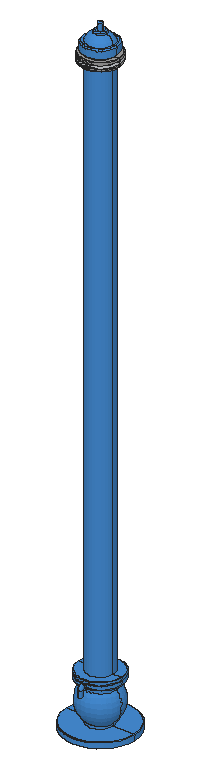
Revit family "Поли-Групп_ГидрантПожарный", category Арматура трубопроводов, Revit 2019
Family settings
  Размер круглого соединителя = Использовать диаметр
  Тип детали = Нормальный
  На основе рабочей плоскости = Нет
  Всегда вертикально = Да
  При загрузке вырезать с полостями = Нет
  Общий = Нет
Parameters (values of type "Загрузите типоразмеры из каталог семейств")
  Тип присоединения = "Фланцевое"  # constant formula
  Тип привода = ""
  Температура рабочей среды = "5 до +70°C"  # constant formula
  ТВ = "ГидрантПожарный_Поли-Групп"  # constant formula
  Разработчик = ""
  Рабочее давление = size_lookup(ТВ, "Рабочее давление", 0.0 bar, DN, H)  # 10.0 bar
  Рабочая среда = "Питьевая и техническая вода без примесей"  # constant formula
  Пропускная способность = size_lookup(ТВ, "Kv", 1.0 m³/h, DN, H)  # 1.0 m³/h
  Покрытие = "Порошковая краска ЭПК 64-1-88 ТУ 301-10-0-300-89 (цвет синий)"  # constant formula
  Материал штока = "AISI 201"  # constant formula
  Крутящий момент = size_lookup(ТВ, "Крутящий момент", 0, DN, H)  # 105
  Климатические условия эксплуатации = "У1"  # constant formula
  Type Image = (empty or 0)
  Manufacturer = ""
  Группа модели = "Арматура трубопроводная"
  Габаритные размеры = size_lookup(ТВ, "Габаритные размеры", "Нет данных", DN, H)  # "330х3000х330"
  h2 = 25 mm  # constant formula
  h1 = 250 mm  # constant formula
  d = 9 mm  # constant formula
  D3 = DN  # 125 mm
  D2 = DN * 0.9  # 112.5 mm
  D1 = size_lookup(ТВ, "D1", 215 mm, DN, H)  # 280 mm
  D = size_lookup(ТВ, "D", 215 mm, DN, H)  # 330 mm
  URL = ""
  H = 3000 mm
  DN = 125 mm
  ADSK_Расход жидкости [instance] = 0.0 m³/h
  ADSK_Примечание [instance] = ""
  ADSK_Потеря давления жидкости [instance] = (ADSK_Расход жидкости / Пропускная способность) ^ 2 * 1.0 bar  # 0.0 bar
  ADSK_Позиция = ""
  ADSK_Обозначение = ""
  ADSK_Наименование краткое = size_lookup(ТВ, "ADSK_Наименование краткое", "Нет данных", DN, H)  # "Гидрант EAZ ГП DN125-3000"
  ADSK_Наименование = size_lookup(ТВ, "ADSK_Наименование", "Нет данных", DN, H)  # "Гидрант пожарный подземный EAZ ГП с двойным запиранием DN125-3000"
  ADSK_Материал = Ст. 20 (ЭПК цвет синий)
  ADSK_Масса_Текст = size_lookup(ТВ, "ADSK_Масса_Текст", "Нет данных", DN, H)  # "76"
  ADSK_Масса = size_lookup(ТВ, "ADSK_Масса", 0, DN, H)  # 76
  ADSK_Количество = 1  # constant formula
  ADSK_Код изделия = size_lookup(ТВ, "ADSK_Код изделия", "Нет данных", DN, H)  # "EAZ-Г1-DN125-3000"
  ADSK_Завод-изготовитель = "ООО «КАРБОН»"  # constant formula
  ADSK_Единица измерения = "шт."  # constant formula
  ADSK_Диаметр условный = DN  # 125 mm
  ADSK_Группирование = ""
  ADSK_Версия Revit = "2019"  # constant formula
  ADSK_URL страницы изделия = "https://www.polycorr.ru/"
Reference planes
  plane 1 "По центру (Вперед/Назад)": y = 0
  plane 2: z = 0
  plane 3 "По центру (Влево/Вправо)": x = 0
  plane 4: z = 3000
  plane 5: z = 250
  plane 6: z = 2880
  plane 7: x = 165
  plane 8: x = -165
  plane 9: x = 56.25
  plane 10: x = -56.25
  plane 11: z = 25
  plane 12: z = 235
  plane 13: z = 215
  plane 14: z = 2890
  plane 15: z = 2905
  plane 16: z = 2917
  plane 17: z = 2965
  plane 18: x = 62.5
  plane 19: x = -62.5
  plane 20: z = 2927
  plane 21: y = 140
  plane 22: y = -140
  plane 23: x = -140
  plane 24: x = 140
Forms (mm)
  Revolve 1, solid, material "Ст. 20 (ЭПК цвет синий)" <- "ADSK_Материал", detail levels fine
    sketch origin (0, 0, 0) x (1, 0, 0) y (0, 0, 1)
      loop
        line (56.25, 0) -> (165, 0) -> (165, 22.172) -> (162.172, 25) -> (61.25, 25) -> (61.25, 37)
        arc (61.25, 37) -> (100.902, 108.807) -> (78.808, 187.802) r 108.238
        line (78.808, 187.802) -> (78.808, 215) -> (101.839, 215) -> (103.808, 216.969) -> (103.808, 233.031) -> (101.839, 235) -> (56.25, 235) -> (56.25, 0)
      axis (0, 235) -> (0, 0)
    angle from 0 to 360
  Revolve 2, solid, material "Ст. 20 (ЭПК цвет синий)" <- "ADSK_Материал", detail levels fine
    sketch origin (0, 0, 0) x (1, 0, 0) y (0, 0, 1)
      loop
        line (56.25, 250) -> (56.25, 235) -> (101.839, 235) -> (103.808, 236.969) -> (103.808, 248.031) -> (101.839, 250) -> (56.25, 250)
      axis (0, 250) -> (0, 235)
    angle from 0 to 360
  Revolve 3, solid, material "Полипропилен Серый", detail levels fine
    sketch origin (0, 0, 0) x (1, 0, 0) y (0, 0, 1)
      loop
        line (0, 2890) -> (0, 2880) -> (91.086, 2880) -> (92.5, 2881.414) -> (92.5, 2888.586) -> (91.086, 2890) -> (0, 2890)
      axis (0, 2890) -> (0, 2880)
    angle from 0 to 360
  Revolve 4, solid, detail levels fine
    sketch origin (0, 0, 0) x (1, 0, 0) y (0, 0, 1)
      loop
        line (0, 2905) -> (0, 2890) -> (91.086, 2890) -> (92.5, 2891.414) -> (92.5, 2903.586) -> (91.086, 2905) -> (0, 2905)
      axis (0, 2905) -> (0, 2890)
    angle from 0 to 360
  Revolve 5, solid, material "Полипропилен Серый", detail levels fine
    sketch origin (0, 0, 0) x (1, 0, 0) y (0, 0, 1)
      loop
        line (0, 2905) -> (91.5, 2905) -> (91.5, 2914.94) -> (89.44, 2917) -> (69.5, 2917) -> (69.5, 2927) -> (0, 2927) -> (0, 2905)
      axis (0, 2927) -> (0, 2905)
    angle from 0 to 360
  Revolve 6, solid, material "Ст. 20 (ЭПК цвет синий)" <- "ADSK_Материал", detail levels fine
    sketch origin (0, 0, 0) x (1, 0, 0) y (0, 0, 1)
      loop
        line (62.5, 2880) -> (0, 2880) -> (0, 250) -> (62.5, 250) -> (62.5, 2880)
      axis (0, 2880) -> (0, 250)
    angle from 0 to 360
  Revolve 7, solid, material "Ст. 20 (ЭПК цвет синий)" <- "ADSK_Материал", detail levels fine
    sketch origin (0, 0, 0) x (1, 0, 0) y (0, 0, 1)
      loop
        line (0, 2927) -> (79.5, 2927) -> (79.5, 2959.343) -> (73.843, 2965) -> (62.5, 2965)
        arc (62.5, 2965) -> (48.471, 2985.675) -> (28, 3000) r 69.004
        line (28, 3000) -> (28, 3004.858) -> (22.858, 3010) -> (11.291, 3010) -> (11.291, 3040.757) -> (7.048, 3045) -> (0, 3045) -> (0, 2927)
      axis (0, 3045) -> (0, 2927)
    angle from 0 to 360
  Revolve 8, solid, material "Ст. 20 (ЭПК цвет синий)" <- "ADSK_Материал", detail levels fine
    sketch origin (0, 0, 0) x (0, 1, 0) y (0, 0, 1)
      loop
        line (0, 206.308) -> (0, 222.871) -> (-100.561, 222.871) -> (-100.561, 206.308) -> (0, 206.308)
      axis (0, 222.871) -> (-100.561, 222.871)
    angle from 0 to 360
  Revolve 9, solid, material "Ст. 20 (ЭПК цвет синий)" <- "ADSK_Материал", detail levels fine
    sketch origin (0, 0, 0) x (0, 1, 0) y (0, 0, 1)
      loop
        line (-110.558, 212.871) -> (-120.558, 212.871) -> (-120.558, 184.469) -> (-110.558, 184.469) -> (-110.558, 212.871)
      axis (-120.558, 212.871) -> (-120.558, 184.469)
    angle from 0 to 360
  Revolve 10, solid, material "Ст. 20 (ЭПК цвет синий)" <- "ADSK_Материал", detail levels fine
    sketch origin (0, -120.558, 212.871) x (0, 1, 0) y (-1, 0, 0)
      loop
        circle (0, 0) r 10
      axis (10, 0) -> (10, -1)
    angle from 0 to -90
  Revolve 11, solid, material "Ст. 20 (ЭПК цвет синий)" <- "ADSK_Материал", detail levels fine
    sketch origin (0, 0, 0) x (0, 1, 0) y (0, 0, 1)
      loop
        line (-100.561, 212.871) -> (-100.561, 222.871) -> (-110.558, 222.871) -> (-110.558, 212.871) -> (-100.561, 212.871)
      axis (-100.561, 222.871) -> (-110.558, 222.871)
    angle from 0 to 360
Cuts and joins
  joined: Revolve 1, Revolve 2, Revolve 8
Lines and regions (mm)
  reference lines
    curve 1: line (0, 0, 0) -> (0, -140, 0)
Dimensions and locks
  "H": plane 4 to level
  "h1": plane 5 to level
  equal spacing: plane 7, plane 3 "По центру (Влево/Вправо)", plane 8
  "D": plane 7 to plane 8
  equal spacing: plane 9, plane 3 "По центру (Влево/Вправо)", plane 10
  "D2": plane 9 to plane 10
  locked: plane 9 to Revolve 1 sketch curve at 22.558
  locked: plane 11 to level at 25
  locked: plane 5 to plane 12 at 15
  locked: plane 12 to plane 13 at 20
  locked: plane 9 to Revolve 1 sketch curve at 47.558
  locked: plane 9 to Revolve 1 sketch curve at 5
  locked: plane 9 to Revolve 2 sketch curve at 47.558
  locked: Revolve 3 sketch curve to plane 6 at 10
  plane 4 to plane 17 to plane 20 to plane 16 to plane 15 to plane 14 to plane 6 = 35 mm locked, 38 mm locked, 10 mm locked, 12 mm locked, 15 mm locked, 10 mm locked
  Revolve 4 sketch curve to plane 18 = 30 mm
  Revolve 3 sketch curve to plane 18 = 30 mm
  equal spacing: plane 19, plane 3 "По центру (Влево/Вправо)", plane 18
  "D3": plane 19 to plane 18
  plane 18 to Revolve 5 sketch curve to Revolve 5 sketch curve = 7 mm, 22 mm
  Revolve 7 sketch curve to Revolve 7 sketch curve to plane 3 "По центру (Влево/Вправо)" = 16.709 mm, 11.291 mm
  plane 18 to Revolve 7 sketch curve = 17 mm
  Revolve 7 sketch curve to Revolve 7 sketch curve to plane 4 = 35 mm, 10 mm
  equal spacing: plane 22, plane 1 "По центру (Вперед/Назад)", plane 21
  plane 21 to plane 1 "По центру (Вперед/Назад)" = 140 mm
  equal spacing: plane 23, plane 3 "По центру (Влево/Вправо)", plane 24
  plane 3 "По центру (Влево/Вправо)" to plane 24 = 140 mm
  aligned and locked: level to plane 2
  aligned and locked: plane 9 to Revolve 1 sketch curve
  aligned and locked: Revolve 1 sketch curve to level
  aligned and locked: Revolve 1 sketch curve to plane 3 "По центру (Влево/Вправо)"
  aligned and locked: Revolve 1 sketch curve to plane 13
  aligned and locked: Revolve 1 sketch curve to plane 11
  aligned and locked: Revolve 1 sketch curve to plane 7
  aligned and locked: plane 12 to Revolve 1 sketch curve
  aligned and locked: Revolve 2 sketch curve to plane 5
  aligned and locked: Revolve 2 sketch curve to plane 9
  aligned and locked: plane 12 to Revolve 2 sketch curve
  aligned and locked: Revolve 2 sketch curve to plane 3 "По центру (Влево/Вправо)"
  aligned and locked: plane 6 to Revolve 3 sketch curve
  aligned and locked: Revolve 4 sketch curve to plane 15
  aligned and locked: plane 14 to Revolve 4 sketch curve
  aligned and locked: Revolve 5 sketch curve to plane 15
  aligned and locked: plane 16 to Revolve 5 sketch curve
  aligned and locked: Revolve 5 sketch curve to plane 3 "По центру (Влево/Вправо)"
  aligned and locked: plane 3 "По центру (Влево/Вправо)" to Revolve 4 sketch curve
  aligned and locked: plane 3 "По центру (Влево/Вправо)" to Revolve 3 sketch curve
  aligned and locked: plane 20 to Revolve 5 sketch curve
  aligned and locked: Revolve 6 sketch curve to plane 5
  aligned and locked: Revolve 6 sketch curve to plane 18
  aligned and locked: plane 6 to Revolve 6 sketch curve
  aligned and locked: Revolve 6 sketch curve to plane 3 "По центру (Влево/Вправо)"  (x2)
  aligned and locked: plane 17 to Revolve 7 sketch curve
  aligned and locked: Revolve 7 sketch curve to plane 20
  aligned and locked: plane 1 "По центру (Вперед/Назад)" to nested 1
  aligned and locked: plane 3 "По центру (Влево/Вправо)" to nested 1
  aligned and locked: Revolve 8 sketch curve to plane 1 "По центру (Вперед/Назад)"
  aligned and locked: Revolve 10 sketch curve to Revolve 9  (x2)
Automatic sketch dimensions
  Revolve 2 sketch curve to plane 5 = 0 mm
  Revolve 2 sketch curve to Revolve 2 sketch curve = 1.969 mm  (x2)
  plane 12 to Revolve 2 sketch curve = 1.969 mm
  Revolve 2 sketch curve to plane 5 = 1.969 mm
  plane 5 to Revolve 2 sketch curve = 70 mm
  Revolve 3 sketch curve to plane 3 "По центру (Влево/Вправо)" = 0 mm
  Revolve 3 sketch curve to plane 5 = 0 mm
  Revolve 3 sketch curve to Revolve 3 sketch curve = 70 mm
  Revolve 3 sketch curve to Revolve 3 sketch curve = 1.414 mm  (x2)
  Revolve 3 sketch curve to plane 14 = 1.414 mm
  Revolve 3 sketch curve to Revolve 3 sketch curve = 0 mm
  Revolve 4 sketch curve to plane 3 "По центру (Влево/Вправо)" = 0 mm
  Revolve 4 sketch curve to plane 5 = 0 mm
  plane 6 to Revolve 4 sketch curve = 11.414 mm
  Revolve 4 sketch curve to Revolve 4 sketch curve = 70 mm
  Revolve 4 sketch curve to Revolve 4 sketch curve = 0 mm
  Revolve 4 sketch curve to plane 15 = 1.414 mm
  Revolve 4 sketch curve to Revolve 4 sketch curve = 1.414 mm
  Revolve 6 sketch curve to Revolve 6 sketch curve = 100 mm
  plane 4 to Revolve 6 sketch curve = 60 mm
  Revolve 5 sketch curve to plane 3 "По центру (Влево/Вправо)" = 0 mm
  Revolve 5 sketch curve to plane 5 = 0 mm
  Revolve 5 sketch curve to plane 16 = 2.06 mm
  Revolve 5 sketch curve to Revolve 5 sketch curve = 70 mm
  Revolve 5 sketch curve to Revolve 5 sketch curve = 2.06 mm
  Revolve 7 sketch curve to plane 3 "По центру (Влево/Вправо)" = 0 mm  (x2)
  plane 18 to Revolve 7 sketch curve = 0 mm
  Revolve 7 sketch curve to plane 5 = 0 mm
  Revolve 7 sketch curve to plane 4 = 0 mm
  Revolve 7 sketch curve to plane 3 "По центру (Влево/Вправо)" = 0.672 mm
  Revolve 7 sketch curve to Revolve 7 sketch curve = 5.142 mm
  Revolve 7 sketch curve to Revolve 7 sketch curve = 5.657 mm
  Revolve 7 sketch curve to plane 17 = 5.657 mm
  Revolve 7 sketch curve to Revolve 7 sketch curve = 4.858 mm
  plane 3 "По центру (Влево/Вправо)" to Revolve 7 sketch curve = 7.048 mm
  Revolve 7 sketch curve to Revolve 7 sketch curve = 70 mm
  Revolve 7 sketch curve to Revolve 7 sketch curve = 4.243 mm
  Revolve 8 sketch curve to plane 13 = 8.692 mm
  plane 13 to Revolve 8 sketch curve = 7.871 mm  (x2)
  Revolve 8 sketch curve to Revolve 8 sketch curve = 25.003 mm
  Revolve 8 sketch curve to plane 22 = 9.442 mm
  Revolve 9 sketch curve to plane 13 = 2.129 mm
  Revolve 9 sketch curve to plane 22 = 19.442 mm
  Revolve 9 sketch curve to Revolve 9 sketch curve = 10 mm
  Revolve 9 sketch curve to Revolve 9 sketch curve = 28.402 mm
  Revolve 9 sketch curve to Revolve 9 sketch curve = 0 mm
  Revolve 9 sketch curve to Revolve 9 sketch curve = 5 mm
  Revolve 9 sketch curve to Revolve 9 sketch curve = 11.598 mm
  Revolve 10 sketch curve to Revolve 10 sketch curve = 0 mm
  Revolve 10 sketch curve to Revolve 10 sketch curve = 32.187 mm
  Revolve 10 sketch curve to Revolve 9 = 7.813 mm
  Revolve 8 sketch curve to Revolve 8 sketch curve = 29.997 mm
  plane 1 "По центру (Вперед/Назад)" to Revolve 11 sketch curve = 100.561 mm
  plane 13 to Revolve 11 sketch curve = 7.871 mm  (x2)
  Revolve 11 sketch curve to plane 22 = 29.442 mm
  Revolve 11 sketch curve to plane 13 = 2.129 mm
  Revolve 11 sketch curve to Revolve 11 sketch curve = 35 mm
  Revolve 11 sketch curve to plane 22 = 9.442 mm
  Revolve 1 sketch curve to plane 3 "По центру (Влево/Вправо)" = 6.61 mm
  Revolve 1 sketch curve to Revolve 1 sketch curve = 1.969 mm  (x2)
  plane 7 to Revolve 1 sketch curve = 2.828 mm
  plane 11 to Revolve 1 sketch curve = 2.828 mm
  Revolve 1 sketch curve to plane 11 = 12 mm
  Revolve 1 sketch curve to plane 13 = 93.676 mm
  plane 13 to Revolve 1 sketch curve = 1.969 mm
  Revolve 1 sketch curve to plane 12 = 1.969 mm
  Revolve 1 sketch curve to level = 55 mm
  plane 5 to Revolve 1 sketch curve = 15 mm
  curve 1 to plane 3 "По центру (Влево/Вправо)" = 0 mm
  plane 22 to curve 1 = 0 mm
  plane 1 "По центру (Вперед/Назад)" to curve 1 = 0 mm
Nested families
  nested 1: "УГО_АТ_ГидрантПожарный" at (0, 0, 0), type "УГО_АТ_ГидрантПожарный", detail levels coarse+medium
Connectors
  piping at (0, 0, 0), diameter 125, driven by "ADSK_Диаметр условный", driven by "ADSK_Расход жидкости", driven by "ADSK_Потеря давления жидкости"
    settings: on cut or joined group of Revolve 1, Revolve 2, Revolve 8, index 1, connector inside diameter 609.6 mm, connector length 0 mm, flow factor 0, pipe flow 0.0 m³/h, pressure drop 0.0 bar, fitting loss kfactor 0, connector angle 0.00°, fixture units 0, engagement length 0 mm, angle of deflection 0.00°, flow configuration 1, flow direction 1, fitting loss method 0, system type 7, joint type 0, gender type 0, connector reference index -1, connector utility 0, adjustable connector yes, is connector primary yes, connector description ""
  piping at (0, -120.558, 184.469), diameter 9, driven by "d"
    settings: on Revolve 9, index 2, connector inside diameter 609.6 mm, connector length 0 mm, flow factor 0, pipe flow 0.0 m³/h, pressure drop 0.0 bar, fitting loss kfactor 0, connector angle 0.00°, fixture units 0, engagement length 0 mm, angle of deflection 0.00°, flow configuration 2, flow direction 2, fitting loss method 0, system type 16, joint type 0, gender type 0, connector reference index -1, connector utility 0, adjustable connector no, is connector primary no, connector description ""
Definition of nested family "УГО_АТ_ГидрантПожарный"
  Parameters (values of type "Линии")
    Loss Method = (empty or 0)
    Keynote = ""
    Длина = 330 mm
    Ширина = Длина / 1.5  # 220 mm
    D = Длина / 2  # 165 mm
  Reference planes
    plane 1 "По центру (Вперед/Назад)": y = 0
    plane 2: z = 0
    plane 3 "По центру (Влево/Вправо)": x = 0
    plane 4 "Left": x = -165
    plane 5 "Right": x = 165
  Forms (mm)
    Extrusion 1, solid, detail levels coarse+medium
      sketch origin (0, 0, 0) x (1, 0, 0) y (0, 0, 1)
        loop
          line (0, 82.5) -> (0, -82.5)
          arc (0, -82.5) -> (82.5, 0) -> (0, 82.5) r 82.5
      from -0.4 to 0.4
  Lines and regions (mm)
    symbolic lines, detail levels coarse+medium
      curve 1: line (-165, 0, 0) -> (-82.5, 0, 0)
      curve 3: circle (0, 0, 0) r 82.5 normal (0, 0, 1)
      curve 4: line (82.5, 0, 0) -> (165, 0, 0)
    model lines, detail levels coarse+medium
      curve 2: line (-165, 0, 0) -> (-82.5, 0, 0)
      curve 5: circle (0, 0, 0) r 82.5 normal (0, -1, 0)
      curve 6: line (82.5, 0, 0) -> (165, 0, 0)
  Dimensions and locks
    equal spacing: plane 5 "Right", plane 3 "По центру (Влево/Вправо)", plane 4 "Left"
    "Длина": plane 5 "Right" to plane 4 "Left"
    "D": diameter of curve 3
    "D": diameter of curve 5
    "D": diameter of Extrusion 1 sketch curve
    aligned and locked: level to plane 2
    aligned and locked: plane 4 "Left" to curve 2
    aligned and locked: curve 6 to plane 2
    aligned and locked: curve 1 to curve 2
    aligned and locked: curve 6 to curve 4
    aligned and locked: plane 3 "По центру (Влево/Вправо)" to nested 1
    aligned and locked: plane 1 "По центру (Вперед/Назад)" to nested 1
    aligned and locked: Extrusion 1 sketch curve to plane 3 "По центру (Влево/Вправо)"
  Automatic sketch dimensions
    curve 2 to level = 0 mm
    curve 5 to level = 0 mm
    curve 5 to plane 3 "По центру (Влево/Вправо)" = 0 mm
    curve 6 to plane 5 "Right" = 0 mm
    curve 1 to plane 4 "Left" = 0 mm
    plane 1 "По центру (Вперед/Назад)" to curve 3 = 0 mm
    curve 3 to plane 3 "По центру (Влево/Вправо)" = 0 mm
    curve 4 to plane 5 "Right" = 0 mm
    Extrusion 1 sketch curve to level = 0 mm
  Nested families
    nested 1: "Семейство1" at (0, 0, 0), type "Семейство1", detail levels coarse+medium
  Definition of nested family "Семейство1"
    Parameters
      d = 50 mm
    Reference planes
      plane 1 "По центру (Вперед/Назад)": y = 0
      plane 2: z = 0
      plane 3 "По центру (Влево/Вправо)": x = 0
    Lines and regions (mm)
      Filled region 1, type "Сплошная заливка - Черный", in view "Опорный уровень"
        outline origin (0, 0, 0) x (1, 0, 0) y (0, 1, 0)
          loop
            line (0, 25) -> (0, -25)
            arc (0, -25) -> (25, 0) -> (0, 25) r 25
      detail lines, in view "Опорный уровень", not visible
        curve 1: circle (0, 0, 0) r 25 normal (0, 0, 1)
    Dimensions and locks
      "d": diameter of curve 1
      "d": diameter of Filled region 1 sketch curve
      aligned and locked: Filled region 1 sketch curve to plane 3 "По центру (Влево/Вправо)"
    Automatic sketch dimensions
      plane 1 "По центру (Вперед/Назад)" to curve 1 = 0 mm
      curve 1 to plane 3 "По центру (Влево/Вправо)" = 0 mm
      plane 1 "По центру (Вперед/Назад)" to Filled region 1 sketch curve = 0 mm
Types in the file's own list only (18): name | Рабочее давление | Пропускная способность | Габаритные размеры | h2 | h1 | d | D3 | D2 | D1 | D | H | DN | ADSK_Наименование краткое | ADSK_Наименование | ADSK_Масса_Текст | ADSK_Масса | ADSK_Код изделия | ADSK_Диаметр условный
  100-1000 | 10.0 бары | 1.0 м³/ч | "215х1000х215" | 25 мм | 250 мм | 9 мм | 100 мм | 90 мм | 180 мм | 215 мм | 1000 мм | 100 мм | "Гидрант EAZ ГП DN100-1000" | "Гидрант пожарный подземный EAZ ГП с двойным запиранием DN100-1000" | "37" | 37 | "EAZ-Г1-DN100-1000" | 100 мм
  100-1250 | 10.0 бары | 1.0 м³/ч | "215х1250х215" | 25 мм | 250 мм | 9 мм | 100 мм | 90 мм | 180 мм | 215 мм | 1250 мм | 100 мм | "Гидрант EAZ ГП DN100-1250" | "Гидрант пожарный подземный EAZ ГП с двойным запиранием DN100-1250" | "41" | 41 | "EAZ-Г1-DN100-1250" | 100 мм
  100-1500 | 10.0 бары | 1.0 м³/ч | "215х1500х215" | 25 мм | 250 мм | 9 мм | 100 мм | 90 мм | 180 мм | 215 мм | 1500 мм | 100 мм | "Гидрант EAZ ГП DN100-1500" | "Гидрант пожарный подземный EAZ ГП с двойным запиранием DN100-1500" | "45" | 45 | "EAZ-Г1-DN100-1500" | 100 мм
  100-1750 | 10.0 бары | 1.0 м³/ч | "215х1750х215" | 25 мм | 250 мм | 9 мм | 100 мм | 90 мм | 180 мм | 215 мм | 1750 мм | 100 мм | "Гидрант EAZ ГП DN100-1750" | "Гидрант пожарный подземный EAZ ГП с двойным запиранием DN100-1750" | "49" | 49 | "EAZ-Г1-DN100-1750" | 100 мм
  100-2000 | 10.0 бары | 1.0 м³/ч | "215х2000х215" | 25 мм | 250 мм | 9 мм | 100 мм | 90 мм | 180 мм | 215 мм | 2000 мм | 100 мм | "Гидрант EAZ ГП DN100-2000" | "Гидрант пожарный подземный EAZ ГП с двойным запиранием DN100-2000" | "53" | 53 | "EAZ-Г1-DN100-1750" | 100 мм
  100-2250 | 10.0 бары | 1.0 м³/ч | "215х2250х215" | 25 мм | 250 мм | 9 мм | 100 мм | 90 мм | 180 мм | 215 мм | 2250 мм | 100 мм | "Гидрант EAZ ГП DN100-2250" | "Гидрант пожарный подземный EAZ ГП с двойным запиранием DN100-2250" | "57" | 57 | "EAZ-Г1-DN100-2250" | 100 мм
  100-2500 | 10.0 бары | 1.0 м³/ч | "215х2500х215" | 25 мм | 250 мм | 9 мм | 100 мм | 90 мм | 180 мм | 215 мм | 2500 мм | 100 мм | "Гидрант EAZ ГП DN100-2500" | "Гидрант пожарный подземный EAZ ГП с двойным запиранием DN100-2500" | "61" | 61 | "EAZ-Г1-DN100-2500" | 100 мм
  100-2750 | 10.0 бары | 1.0 м³/ч | "215х2750х215" | 25 мм | 250 мм | 9 мм | 100 мм | 90 мм | 180 мм | 215 мм | 2750 мм | 100 мм | "Гидрант EAZ ГП DN100-2750" | "Гидрант пожарный подземный EAZ ГП с двойным запиранием DN100-2750" | "65" | 65 | "EAZ-Г1-DN100-2750" | 100 мм
  100-3000 | 10.0 бары | 1.0 м³/ч | "215х3000х215" | 25 мм | 250 мм | 9 мм | 100 мм | 90 мм | 180 мм | 215 мм | 3000 мм | 100 мм | "Гидрант EAZ ГП DN100-3000" | "Гидрант пожарный подземный EAZ ГП с двойным запиранием DN100-3000" | "69" | 69 | "EAZ-Г1-DN100-3000" | 100 мм
  125-1000 | 10.0 бары | 1.0 м³/ч | "330х1000х330" | 25 мм | 250 мм | 9 мм | 125 мм | 113 мм | 280 мм | 330 мм | 1000 мм | 125 мм | "Гидрант EAZ ГП DN125-1000" | "Гидрант пожарный подземный EAZ ГП с двойным запиранием DN125-1000" | "44" | 44 | "EAZ-Г1-DN125-1000" | 125 мм
  125-1250 | 10.0 бары | 1.0 м³/ч | "330х1250х330" | 25 мм | 250 мм | 9 мм | 125 мм | 113 мм | 280 мм | 330 мм | 1250 мм | 125 мм | "Гидрант EAZ ГП DN125-1250" | "Гидрант пожарный подземный EAZ ГП с двойным запиранием DN125-1250" | "48" | 48 | "EAZ-Г1-DN125-1250" | 125 мм
  125-1500 | 10.0 бары | 1.0 м³/ч | "330х1500х330" | 25 мм | 250 мм | 9 мм | 125 мм | 113 мм | 280 мм | 330 мм | 1500 мм | 125 мм | "Гидрант EAZ ГП DN125-1500" | "Гидрант пожарный подземный EAZ ГП с двойным запиранием DN125-1500" | "52" | 52 | "EAZ-Г1-DN125-1500" | 125 мм
  125-1750 | 10.0 бары | 1.0 м³/ч | "330х1750х330" | 25 мм | 250 мм | 9 мм | 125 мм | 113 мм | 280 мм | 330 мм | 1750 мм | 125 мм | "Гидрант EAZ ГП DN125-1750" | "Гидрант пожарный подземный EAZ ГП с двойным запиранием DN125-1750" | "56" | 56 | "EAZ-Г1-DN125-1750" | 125 мм
  125-2000 | 10.0 бары | 1.0 м³/ч | "330х2000х330" | 25 мм | 250 мм | 9 мм | 125 мм | 113 мм | 280 мм | 330 мм | 2000 мм | 125 мм | "Гидрант EAZ ГП DN125-2000" | "Гидрант пожарный подземный EAZ ГП с двойным запиранием DN125-2000" | "60" | 60 | "EAZ-Г1-DN125-2000" | 125 мм
  125-2250 | 10.0 бары | 1.0 м³/ч | "330х2250х330" | 25 мм | 250 мм | 9 мм | 125 мм | 113 мм | 280 мм | 330 мм | 2250 мм | 125 мм | "Гидрант EAZ ГП DN125-2250" | "Гидрант пожарный подземный EAZ ГП с двойным запиранием DN125-2250" | "64" | 64 | "EAZ-Г1-DN125-2250" | 125 мм
  125-2500 | 10.0 бары | 1.0 м³/ч | "330х2500х330" | 25 мм | 250 мм | 9 мм | 125 мм | 113 мм | 280 мм | 330 мм | 2500 мм | 125 мм | "Гидрант EAZ ГП DN125-2500" | "Гидрант пожарный подземный EAZ ГП с двойным запиранием DN125-2500" | "68" | 68 | "EAZ-Г1-DN125-2500" | 125 мм
  125-2750 | 10.0 бары | 1.0 м³/ч | "330х2750х330" | 25 мм | 250 мм | 9 мм | 125 мм | 113 мм | 280 мм | 330 мм | 2750 мм | 125 мм | "Гидрант EAZ ГП DN125-2750" | "Гидрант пожарный подземный EAZ ГП с двойным запиранием DN125-2750" | "72" | 72 | "EAZ-Г1-DN125-2750" | 125 мм
  125-3000 | 10.0 бары | 1.0 м³/ч | "330х3000х330" | 25 мм | 250 мм | 9 мм | 125 мм | 113 мм | 280 мм | 330 мм | 3000 мм | 125 мм | "Гидрант EAZ ГП DN125-3000" | "Гидрант пожарный подземный EAZ ГП с двойным запиранием DN125-3000" | "76" | 76 | "EAZ-Г1-DN125-3000" | 125 мм
